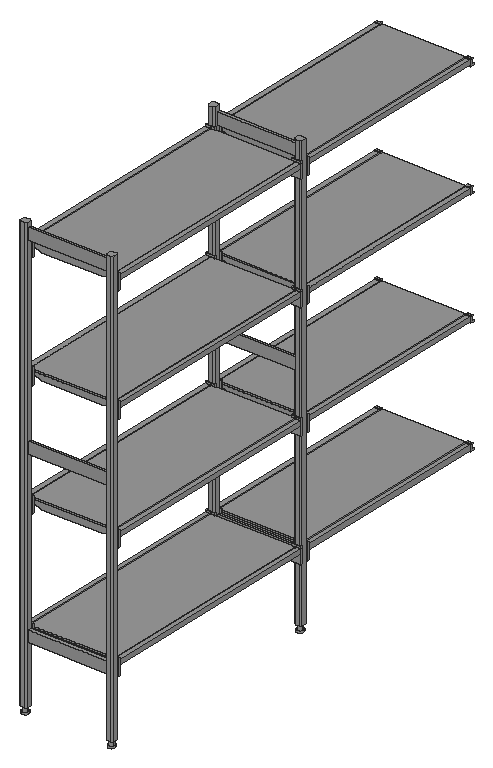
Revit family "QF_ZANUSSI_137061_ACS1752", category Attrezzature speciali, Revit 2020
Family settings
  Quota connettore circolare = Usa diametro
  Tipo di parte = Normale
  Basato su piano di lavoro = No
  Sempre verticale = Sì
  Taglio con vuoti quando caricato = No
  Condiviso = No
  Punto di calcolo locali = No
Parameters (values of type "Standard")
  Weight = 29.00 kg
  Watts = 0 W
  Volts = 0 V
  URL Manufacturer = "http://www.zanussiprofessional.com"
  URL = "http://www.zanussiprofessional.com"
  Steam Supply Size = 0 mm
  Steam Supply Minimum Pressure = 0.0 Pa
  Steam Supply Maximum Pressure = 0.0 Pa
  Steam Consumption per Hour = 0
  Refrigeration Suction Line Size = 0.0 mm
  Refrigeration Liquid Line Size = 0.0 mm
  Refrigerant Compressor Remote = yes
  Prospetto di default = 0.0 mm
  Phase = 0
  Modello = "ACS1752"
  Produttore = "Zanussi"
  Length Actual = 1756.0 mm  # constant formula
  Item Number = "137061"
  Hot Water Size = 0 mm
  Height Actual = 1700.0 mm  # constant formula
  HP = "0 HP"
  Gas Size = 0 mm
  Gas KW = 0
  Gas Input Pressure = 0 W
  Direct Waste Size = 0 mm
  Descrizione = "ALUM.CORNER SHELV.-POLY.TIERS-373X1756MM"
  Depth Actual = 373.0 mm  # constant formula
  Cycle = 0 Hz
  Condensate Return Size = 0 mm
  Compressed Air Volume = 0.0 L/s
  Compressed Air Size = 0 mm
  Compressed Air Pressure = 0.0 Pa
  Cold Water Size = 0 mm
  Accessory = yes
Reference planes
  plane 1: z = 0
  plane 2 "CenterLeft": y = -535.5
  plane 3 "FRONT": y = -921.5
  plane 4 "LEFT": x = 192.5
  plane 5 "RIGHT": x = 565.5
  plane 6 "TOP": z = 1700
  plane 7: y = -889.5
  plane 8: y = -3.5
  plane 9 "Center (Left/Back)": x = 379
  plane 10: x = 205
  plane 11: x = 515
  plane 12 "FEET": z = 25
  plane 13: z = 275
  plane 14: z = 725
  plane 15: z = 1175
  plane 16: z = 1625
  plane 17 "CXLeft": y = -907.5
  plane 18 "Center (Front/Back)": y = 14.5
  plane 19 "CYFront": x = 510
  plane 20: y = 830.5
  plane 21: y = 32.5
  plane 22 "BACK": y = 834.5
  plane 23 "LEFT_ORIGIN": x = 158.5
  plane 24 "BACK_ORIGIN": y = 1207.5
Forms (mm)
  Extrusion 1, solid, material "QF_Aluminum"
    sketch origin (38.022, -921.5, -4.006) x (-1, 0, 0) y (0, 0, 1)
      loop
        line (-189.5, 1637.003) -> (-173.5, 1637.003) -> (-173.5, 1655) -> (-175.493, 1655) -> (-175.493, 1648.501) -> (-506.5, 1648.501) -> (-506.5, 1655) -> (-508.5, 1655) -> (-508.5, 1637.003) -> (-492.5, 1637.003) -> (-458.5, 1625) -> (-223.5, 1625) -> (-189.5, 1637.003)
      loop
        line (-189.5, 1187.003) -> (-173.5, 1187.003) -> (-173.5, 1205) -> (-175.493, 1205) -> (-175.493, 1198.501) -> (-506.5, 1198.501) -> (-506.5, 1205) -> (-508.5, 1205) -> (-508.5, 1187.003) -> (-492.5, 1187.003) -> (-458.5, 1175) -> (-223.5, 1175) -> (-189.5, 1187.003)
      loop
        line (-189.5, 737.003) -> (-173.5, 737.003) -> (-173.5, 755) -> (-175.493, 755) -> (-175.493, 748.501) -> (-506.5, 748.501) -> (-506.5, 755) -> (-508.5, 755) -> (-508.5, 737.003) -> (-492.5, 737.003) -> (-458.5, 725) -> (-223.5, 725) -> (-189.5, 737.003)
      loop
        line (-189.5, 287.003) -> (-173.5, 287.003) -> (-173.5, 305) -> (-175.493, 305) -> (-175.493, 298.501) -> (-506.5, 298.501) -> (-506.5, 305) -> (-508.5, 305) -> (-508.5, 287.003) -> (-492.5, 287.003) -> (-458.5, 275) -> (-223.5, 275) -> (-189.5, 287.003)
    from 37 to 32
  Extrusion 2, solid, material "QF_Aluminum"
    sketch origin (38.022, -921.5, 0) x (-1, 0, 0) y (0, 0, 1)
      loop
        line (-154.478, 246.005) -> (-154.478, 307.993) -> (-190.471, 307.993) -> (-190.471, 246.005) -> (-154.478, 246.005)
      loop
        line (-527.478, 246.005) -> (-491.484, 246.005) -> (-491.484, 307.993) -> (-527.478, 307.993) -> (-527.478, 246.005)
      loop
        line (-154.478, 696.005) -> (-154.478, 757.993) -> (-190.471, 757.993) -> (-190.471, 696.005) -> (-154.478, 696.005)
      loop
        line (-527.478, 696.005) -> (-491.484, 696.005) -> (-491.484, 757.993) -> (-527.478, 757.993) -> (-527.478, 696.005)
      loop
        line (-154.478, 1146.005) -> (-154.478, 1207.993) -> (-190.471, 1207.993) -> (-190.471, 1146.005) -> (-154.478, 1146.005)
      loop
        line (-527.478, 1146.005) -> (-491.484, 1146.005) -> (-491.484, 1207.993) -> (-527.478, 1207.993) -> (-527.478, 1146.005)
      loop
        line (-154.478, 1596.005) -> (-154.478, 1657.993) -> (-190.471, 1657.993) -> (-190.471, 1596.005) -> (-154.478, 1596.005)
      loop
        line (-527.478, 1596.005) -> (-491.484, 1596.005) -> (-491.484, 1657.993) -> (-527.478, 1657.993) -> (-527.478, 1596.005)
    from 28 to 32
  Extrusion 3, solid, material "QF_Aluminum"
    sketch origin (38.022, -921.5, 0) x (-1, 0, 0) y (0, 0, 1)
      loop
        line (-154.5, 1650.994) -> (-173.5, 1650.994) -> (-173.5, 1632.998) -> (-154.5, 1632.998) -> (-154.5, 1650.994)
      loop
        line (-154.5, 1200.994) -> (-173.5, 1200.994) -> (-173.5, 1182.998) -> (-154.5, 1182.998) -> (-154.5, 1200.994)
      loop
        line (-154.5, 750.994) -> (-173.5, 750.994) -> (-173.5, 732.998) -> (-154.5, 732.998) -> (-154.5, 750.994)
      loop
        line (-154.5, 300.994) -> (-173.5, 300.994) -> (-173.5, 282.998) -> (-154.5, 282.998) -> (-154.5, 300.994)
      loop
        line (-527.455, 1650.994) -> (-527.455, 1632.998) -> (-508.455, 1632.998) -> (-508.455, 1650.994) -> (-527.455, 1650.994)
      loop
        line (-527.455, 1200.994) -> (-527.455, 1182.998) -> (-508.455, 1182.998) -> (-508.455, 1200.994) -> (-527.455, 1200.994)
      loop
        line (-527.455, 750.994) -> (-527.455, 732.998) -> (-508.455, 732.998) -> (-508.455, 750.994) -> (-527.455, 750.994)
      loop
        line (-527.455, 300.994) -> (-527.455, 282.998) -> (-508.455, 282.998) -> (-508.455, 300.994) -> (-527.455, 300.994)
    from 32 to 918
  Extrusion 4, solid, material "QF_Polyethylene"
    sketch origin (38.022, -921.5, 0) x (-1, 0, 0) y (0, 0, 1)
      loop
        line (-175.493, 1650.994) -> (-506.5, 1650.994) -> (-506.5, 1644.496) -> (-175.493, 1644.496) -> (-175.493, 1650.994)
      loop
        line (-175.493, 1200.994) -> (-506.5, 1200.994) -> (-506.5, 1194.496) -> (-175.493, 1194.496) -> (-175.493, 1200.994)
      loop
        line (-175.493, 750.994) -> (-506.5, 750.994) -> (-506.5, 744.496) -> (-175.493, 744.496) -> (-175.493, 750.994)
      loop
        line (-175.493, 300.994) -> (-506.5, 300.994) -> (-506.5, 294.496) -> (-175.493, 294.496) -> (-175.493, 300.994)
    from 32 to 918
  Extrusion 5, solid, material "QF_Aluminum"
    sketch origin (38.022, 684.5, 0) x (-1, 0, 0) y (0, 0, 1)
      loop
        line (-154.5, 1650.994) -> (-173.5, 1650.994) -> (-173.5, 1632.998) -> (-154.5, 1632.998) -> (-154.5, 1650.994)
      loop
        line (-508.5, 1650.994) -> (-527.455, 1650.994) -> (-527.455, 1632.998) -> (-508.5, 1632.998) -> (-508.5, 1650.994)
      loop
        line (-154.5, 1200.994) -> (-173.5, 1200.994) -> (-173.5, 1182.998) -> (-154.5, 1182.998) -> (-154.5, 1200.994)
      loop
        line (-508.5, 1200.994) -> (-527.455, 1200.994) -> (-527.455, 1182.998) -> (-508.5, 1182.998) -> (-508.5, 1200.994)
      loop
        line (-154.5, 750.994) -> (-173.5, 750.994) -> (-173.5, 732.998) -> (-154.5, 732.998) -> (-154.5, 750.994)
      loop
        line (-508.5, 750.994) -> (-527.455, 750.994) -> (-527.455, 732.998) -> (-508.5, 732.998) -> (-508.5, 750.994)
      loop
        line (-154.5, 300.994) -> (-173.5, 300.994) -> (-173.5, 282.998) -> (-154.5, 282.998) -> (-154.5, 300.994)
      loop
        line (-508.5, 300.994) -> (-527.455, 300.994) -> (-527.455, 282.998) -> (-508.5, 282.998) -> (-508.5, 300.994)
    from 146 to -652
  Extrusion 6, solid, material "QF_Polyethylene"
    sketch origin (38.022, 684.5, 0) x (-1, 0, 0) y (0, 0, 1)
      loop
        line (-175.493, 1650.994) -> (-506.5, 1650.994) -> (-506.5, 1644.496) -> (-175.493, 1644.496) -> (-175.493, 1650.994)
      loop
        line (-175.493, 1200.994) -> (-506.5, 1200.994) -> (-506.5, 1194.496) -> (-175.493, 1194.496) -> (-175.493, 1200.994)
      loop
        line (-175.493, 750.994) -> (-506.5, 750.994) -> (-506.5, 744.496) -> (-175.493, 744.496) -> (-175.493, 750.994)
      loop
        line (-175.493, 300.994) -> (-506.5, 300.994) -> (-506.5, 294.496) -> (-175.493, 294.496) -> (-175.493, 300.994)
    from 146 to -652
Lines and regions (mm)
  symbolic lines
    curve 1: line (205, -912.5, 1700) -> (515, -912.5, 1700)
    curve 2: line (515, -902.5, 1700) -> (205, -902.5, 1700)
    curve 3: line (192.5, -893.5, 1700) -> (192.5, 0.5, 1700)
    curve 4: line (565.5, -889.5, 1700) -> (565.5, -3.5, 1700)
    curve 5: line (192.5, 28.5, 1700) -> (192.5, 834.5, 1700)
    curve 6: line (565.5, 28.5, 1700) -> (565.5, 834.5, 1700)
    curve 7: line (211.522, 830.5, 1700) -> (510.507, 830.5, 1700)
    curve 8: line (211.522, -3.5, 1700) -> (510.507, -3.5, 1700)
    curve 9: line (510.507, 32.5, 1700) -> (211.522, 32.5, 1700)
    curve 10: line (211.522, -889.5, 1700) -> (510.507, -889.5, 1700)
    curve 11: line (211.522, -889.5, 1700) -> (211.522, -3.5, 1700)
    curve 12: line (546.478, -3.5, 1700) -> (546.478, -889.5, 1700)
    curve 13: line (211.522, 32.5, 1700) -> (211.522, 830.5, 1700)
    curve 14: line (546.522, 652.5, 1700) -> (546.522, -145.5, 1700)
Dimensions and locks
  plane 3 "FRONT" to plane 2 "CenterLeft" = 386.0 mm
  locked: plane 6 "TOP" to level at 1700
  locked: plane 7 to plane 8 at 886
  locked: plane 10 to plane 11 at 310
  plane 10 to plane 9 "Center (Left/Back)" to plane 11 = 174.0 mm, 136.0 mm
  equal spacing: plane 4 "LEFT", plane 9 "Center (Left/Back)", plane 5 "RIGHT"
  plane 12 "FEET" to level = 25.0 mm
  plane 6 "TOP" to plane 12 "FEET" = 1675.0 mm
  plane 13 to plane 12 "FEET" = 250.0 mm
  plane 14 to plane 13 = 450.0 mm
  plane 15 to plane 14 = 450.0 mm
  plane 16 to plane 15 = 450.0 mm
  plane 19 "CYFront" to Extrusion 1 sketch curve = 34.522 mm
  locked: plane 21 to plane 20 at 798
  locked: plane 8 to plane 18 "Center (Front/Back)" at 18
  locked: plane 18 "Center (Front/Back)" to plane 21 at 18
  locked: plane 3 "FRONT" to plane 7 at 32
  locked: plane 4 "LEFT" to plane 5 "RIGHT" at 373
  locked: plane 23 "LEFT_ORIGIN" to plane 5 "RIGHT" at 407
  locked: plane 22 "BACK" to plane 24 "BACK_ORIGIN" at 373
  locked: plane 22 "BACK" to plane 3 "FRONT" at 1756
  aligned and locked: level to plane 1
  aligned and locked: Extrusion 1 to plane 7
  aligned and locked: plane 7 to Extrusion 2
  aligned and locked: Extrusion 4 to plane 7
  aligned and locked: plane 8 to Extrusion 4
  aligned and locked: Extrusion 3 to plane 7
  aligned and locked: plane 8 to Extrusion 3
  aligned and locked: Extrusion 1 sketch curve to Extrusion 1 sketch curve  (x3)
  aligned and locked: Extrusion 4 sketch curve to Extrusion 1  (x4)
  aligned and locked: Extrusion 5 sketch curve to Extrusion 5 sketch curve  (x2)
  aligned and locked: Extrusion 5 to plane 21  (x5)
  aligned and locked: Extrusion 6 to plane 21  (x5)
  aligned and locked: nested 2 to plane 18 "Center (Front/Back)"
  aligned and locked: nested 1 to plane 17 "CXLeft"
  aligned and locked: plane 7 to Extrusion 3  (x3)
  aligned and locked: Extrusion 3 to plane 8  (x4)
  aligned and locked: Extrusion 4 to plane 8  (x4)
  aligned and locked: plane 20 to Extrusion 5
  aligned and locked: plane 20 to Extrusion 6
  aligned and locked: Extrusion 5 to plane 20  (x3)
  aligned and locked: Extrusion 6 to plane 20  (x3)
  aligned and locked: plane 9 "Center (Left/Back)" to nested 2
  aligned and locked: nested 3 to plane 22 "BACK"
Automatic sketch dimensions
  curve 1 to plane 10 = 0.0 mm
  curve 1 to plane 11 = 0.0 mm
  curve 2 to plane 10 = 0.0 mm
  curve 2 to plane 11 = 0.0 mm
  curve 3 to plane 4 "LEFT" = 0.0 mm
  plane 7 to curve 10 = 0.0 mm
  curve 4 to plane 5 "RIGHT" = 0.0 mm
  plane 7 to curve 4 = 0.0 mm
  plane 8 to curve 8 = 0.0 mm
  plane 8 to curve 4 = 0.0 mm
  curve 6 to plane 5 "RIGHT" = 0.0 mm
  curve 5 to plane 4 "LEFT" = 0.0 mm
  curve 9 to plane 21 = 0.0 mm
  plane 20 to curve 7 = 0.0 mm
  plane 7 to curve 3 = 4.0 mm
  plane 17 "CXLeft" to curve 2 = 5.0 mm
  curve 1 to plane 17 "CXLeft" = 5.0 mm
  curve 3 to plane 8 = 4.0 mm
  curve 6 to plane 21 = 4.0 mm
  curve 5 to plane 21 = 4.0 mm
  curve 6 to plane 20 = 4.0 mm
  curve 5 to plane 20 = 4.0 mm
  plane 11 to curve 10 = 4.493 mm
  plane 11 to curve 9 = 4.493 mm
  plane 11 to curve 8 = 4.493 mm
  plane 11 to curve 7 = 4.493 mm
  curve 8 to plane 10 = 6.522 mm
  curve 7 to plane 10 = 6.522 mm
  Extrusion 1 sketch curve to plane 19 "CYFront" = 36.522 mm  (x4)
  Extrusion 1 sketch curve to plane 11 = 15.522 mm  (x4)
  Extrusion 1 sketch curve to plane 13 = 4.006 mm
  Extrusion 1 sketch curve to Extrusion 1 sketch curve = 34.0 mm  (x4)
  Extrusion 1 sketch curve to plane 14 = 4.006 mm
  Extrusion 1 sketch curve to plane 15 = 4.006 mm
  Extrusion 1 sketch curve to plane 16 = 4.006 mm
  Extrusion 1 sketch curve to plane 10 = 56.522 mm  (x4)
  Extrusion 1 sketch curve to plane 10 = 22.522 mm  (x4)
  plane 13 to Extrusion 1 sketch curve = 7.998 mm  (x2)
  Extrusion 1 sketch curve to Extrusion 1 sketch curve = 11.498 mm  (x4)
  Extrusion 1 sketch curve to Extrusion 1 sketch curve = 6.499 mm  (x8)
  plane 14 to Extrusion 1 sketch curve = 7.998 mm  (x2)
  plane 15 to Extrusion 1 sketch curve = 7.998 mm  (x2)
  plane 16 to Extrusion 1 sketch curve = 7.998 mm  (x2)
  Extrusion 2 sketch curve to plane 5 "RIGHT" = 0.0 mm  (x4)
  Extrusion 2 sketch curve to plane 4 "LEFT" = 0.0 mm  (x4)
  Extrusion 2 sketch curve to plane 11 = 14.507 mm  (x4)
  Extrusion 2 sketch curve to plane 10 = 23.493 mm  (x4)
  Extrusion 2 sketch curve to plane 13 = 28.995 mm  (x2)
  plane 13 to Extrusion 2 sketch curve = 32.993 mm  (x2)
  Extrusion 2 sketch curve to plane 14 = 28.995 mm  (x2)
  plane 14 to Extrusion 2 sketch curve = 32.993 mm  (x2)
  Extrusion 2 sketch curve to plane 15 = 28.995 mm  (x2)
  plane 15 to Extrusion 2 sketch curve = 32.993 mm  (x2)
  Extrusion 2 sketch curve to plane 16 = 28.995 mm  (x2)
  plane 16 to Extrusion 2 sketch curve = 32.993 mm  (x2)
  plane 13 to Extrusion 4 sketch curve = 19.496 mm
  Extrusion 4 sketch curve to Extrusion 4 sketch curve = 6.499 mm  (x4)
  plane 14 to Extrusion 4 sketch curve = 19.496 mm
  plane 15 to Extrusion 4 sketch curve = 19.496 mm
  plane 16 to Extrusion 4 sketch curve = 19.496 mm
  plane 5 "RIGHT" to Extrusion 5 sketch curve = 0.022 mm  (x4)
  Extrusion 5 sketch curve to plane 4 "LEFT" = 19.022 mm  (x4)
  Extrusion 5 sketch curve to plane 19 "CYFront" = 36.522 mm  (x2)
  plane 13 to Extrusion 5 sketch curve = 7.998 mm  (x2)
  Extrusion 5 sketch curve to Extrusion 5 sketch curve = 17.997 mm  (x8)
  plane 14 to Extrusion 5 sketch curve = 7.998 mm  (x2)
  plane 15 to Extrusion 5 sketch curve = 7.998 mm  (x2)
  plane 16 to Extrusion 5 sketch curve = 7.998 mm  (x2)
  Extrusion 6 sketch curve to plane 19 "CYFront" = 34.522 mm  (x4)
  plane 13 to Extrusion 6 sketch curve = 19.496 mm
  Extrusion 6 sketch curve to Extrusion 6 sketch curve = 6.499 mm  (x4)
  plane 14 to Extrusion 6 sketch curve = 19.496 mm
  plane 15 to Extrusion 6 sketch curve = 19.496 mm
  plane 16 to Extrusion 6 sketch curve = 19.496 mm
  plane 5 "RIGHT" to Extrusion 3 sketch curve = 0.022 mm  (x4)
  Extrusion 3 sketch curve to Extrusion 3 sketch curve = 19.0 mm  (x4)
  plane 14 to Extrusion 3 sketch curve = 7.998 mm  (x2)
  Extrusion 3 sketch curve to plane 10 = 6.522 mm  (x4)
  Extrusion 3 sketch curve to plane 4 "LEFT" = 0.022 mm  (x4)
  plane 13 to Extrusion 3 sketch curve = 25.994 mm  (x2)
  plane 13 to Extrusion 3 sketch curve = 7.998 mm  (x2)
  Extrusion 3 sketch curve to Extrusion 3 sketch curve = 17.997 mm  (x6)
  plane 15 to Extrusion 3 sketch curve = 7.998 mm  (x2)
  plane 16 to Extrusion 3 sketch curve = 7.998 mm  (x2)
  plane 7 to curve 12 = 0.0 mm
  plane 8 to curve 12 = 0.0 mm
  curve 4 to curve 12 = 19.022 mm
  Extrusion 1 sketch curve to plane 10 = 8.516 mm  (x4)
  Extrusion 1 sketch curve to plane 10 = 6.522 mm  (x2)
  Extrusion 1 sketch curve to Extrusion 1 sketch curve = 1.993 mm  (x2)
  Extrusion 4 sketch curve to plane 10 = 8.516 mm  (x4)
  Extrusion 5 sketch curve to plane 4 "LEFT" = 0.022 mm  (x4)
  Extrusion 6 sketch curve to plane 10 = 8.516 mm  (x4)
Nested families
  nested 1: "WT_Anta373" at (215.5, -504.5, 0) x (0, 1, 0) z (0, 0, 1), type "WT_Anta373"
  nested 2: "WT_Anta373Center" at (215.5, 417.5, 0) x (0, 1, 0) z (0, 0, 1), type "WT_Anta373Center"
  nested 3: "WT_Aggancio373" at (215.5, 1242.5, 0) x (0, 1, 0) z (0, 0, 1), type "WT_Aggancio373"
Definition of nested family "WT_Anta373"
  Parameters
    WidthLeft = A + 64.0 mm  # 772.0 mm
    Width = 1606.0 mm
    Right = WidthLeft / 2  # 386.0 mm
    Default Elevation = 0.0 mm
    Left = -WidthLeft / 2  # -386.0 mm
    Height = 1725.0 mm
    FEET = 25.0 mm
    E = 0.0 mm
    Dint = Depth - 63.0 mm  # 310.0 mm
    Dext = Depth - 8.0 mm  # 365.0 mm
    Depth = 373.0 mm
    DX = (WidthLeft - A) / 2  # 32.0 mm
    B = 798.0 mm
    A = 708.0 mm
  Reference planes
    plane 1: z = 0
    plane 2 "LEFT": x = -417
    plane 3 "BACK": y = 23
    plane 4 "FRONT": y = -350
    plane 5 "TOP": z = 1725
    plane 6 "Center (Front/Back)": y = -163.5
    plane 7: y = -8.5
    plane 8: y = -318.5
    plane 9 "FEET": z = 25
    plane 10: z = 275
    plane 11: z = 725
    plane 12: z = 1175
    plane 13: z = 1625
    plane 14 "CXLeft": x = -403
    plane 15: y = 5.5
    plane 16 "CYBack": y = 5.5
    plane 17 "CYFront": y = -332.5
    plane 18: x = -385.031
    plane 19: x = -380.031
  Forms (mm)
    Extrusion 1, solid
      sketch origin (0, 0, 0) x (1, 0, 0) y (0, 1, 0)
        loop
          line (-417, 13.246) -> (-417, -2.246) -> (-410.746, -8.5) -> (-395.254, -8.5) -> (-389, -2.246) -> (-389, 13.246) -> (-395.254, 19.5) -> (-410.746, 19.5) -> (-417, 13.246)
      from 1725 to 25
    Extrusion 2, solid
      sketch origin (-417, 0, 0) x (0, 1, 0) y (0, 0, 1)
        loop
          line (23, 246.005) -> (23, 307.993) -> (-12.993, 307.993) -> (-12.993, 246.005) -> (23, 246.005)
        loop
          line (-350, 246.005) -> (-314.007, 246.005) -> (-314.007, 307.993) -> (-350, 307.993) -> (-350, 246.005)
        loop
          line (23, 696.005) -> (23, 757.993) -> (-12.993, 757.993) -> (-12.993, 696.005) -> (23, 696.005)
        loop
          line (-350, 696.005) -> (-314.007, 696.005) -> (-314.007, 757.993) -> (-350, 757.993) -> (-350, 696.005)
        loop
          line (23, 1146.005) -> (23, 1207.993) -> (-12.993, 1207.993) -> (-12.993, 1146.005) -> (23, 1146.005)
        loop
          line (-350, 1146.005) -> (-314.007, 1146.005) -> (-314.007, 1207.993) -> (-350, 1207.993) -> (-350, 1146.005)
        loop
          line (23, 1596.005) -> (23, 1657.993) -> (-12.993, 1657.993) -> (-12.993, 1596.005) -> (23, 1596.005)
        loop
          line (-350, 1596.005) -> (-314.007, 1596.005) -> (-314.007, 1657.993) -> (-350, 1657.993) -> (-350, 1596.005)
      from 28 to 32
    Revolve 3, solid
      sketch origin (-403, 0, 0) x (0, 1, 0) y (0, 0, 1)
        loop
          line (5.5, 25) -> (5.5, 0) -> (19, 0) -> (19, 5) -> (14, 5) -> (14, 25) -> (5.5, 25)
        axis (5.5, 25) -> (5.5, 0)
      angle from 0 to 360
    Extrusion 4, solid
      sketch origin (-403, 0, 0) x (0, 1, 0) y (0, 0, 1)
        loop
          line (-8.5, 912.382) -> (-8.5, 957.374) -> (-318.5, 957.374) -> (-318.5, 912.382) -> (-8.5, 912.382)
        loop
          line (-8.5, 1662.244) -> (-8.5, 1707.236) -> (-318.5, 1707.236) -> (-318.5, 1662.244) -> (-8.5, 1662.244)
      from -5 to 5
    Revolve 5, solid
      sketch origin (-403, -627, 0) x (0, -1, 0) y (0, 0, 1)
        loop
          line (-294.5, 25) -> (-294.5, 0) -> (-281, 0) -> (-281, 5) -> (-286, 5) -> (-286, 25) -> (-294.5, 25)
        axis (-294.5, 25) -> (-294.5, 0)
      angle from 0 to 360
    Extrusion 6, solid
      sketch origin (0, -627, 0) x (1, 0, 0) y (0, 1, 0)
        loop
          line (-417, 286.754) -> (-410.746, 280.5) -> (-395.254, 280.5) -> (-389, 286.754) -> (-389, 302.246) -> (-395.254, 308.5) -> (-410.746, 308.5) -> (-417, 302.246) -> (-417, 286.754)
      from 1725 to 25
    Extrusion 7, solid
      sketch origin (-417.031, -0.022, 0) x (0, 1, 0) y (0, 0, -1)
        loop
          line (-12, -1632.998) -> (-46, -1620.994) -> (-281, -1620.994) -> (-315, -1632.998) -> (-331, -1632.998) -> (-331, -1650.994) -> (-329, -1650.994) -> (-329, -1644.496) -> (2.007, -1644.496) -> (2.007, -1650.994) -> (4, -1650.994) -> (4, -1632.998) -> (-12, -1632.998)
        loop
          line (-12, -1182.998) -> (-46, -1170.994) -> (-281, -1170.994) -> (-315, -1182.998) -> (-331, -1182.998) -> (-331, -1200.994) -> (-329, -1200.994) -> (-329, -1194.496) -> (2.007, -1194.496) -> (2.007, -1200.994) -> (4, -1200.994) -> (4, -1182.998) -> (-12, -1182.998)
        loop
          line (-12, -732.998) -> (-46, -720.994) -> (-281, -720.994) -> (-315, -732.998) -> (-331, -732.998) -> (-331, -750.994) -> (-329, -750.994) -> (-329, -744.496) -> (2.007, -744.496) -> (2.007, -750.994) -> (4, -750.994) -> (4, -732.998) -> (-12, -732.998)
        loop
          line (-12, -282.998) -> (-46, -270.994) -> (-281, -270.994) -> (-315, -282.998) -> (-331, -282.998) -> (-331, -300.994) -> (-329, -300.994) -> (-329, -294.496) -> (2.007, -294.496) -> (2.007, -300.994) -> (4, -300.994) -> (4, -282.998) -> (-12, -282.998)
      from -32 to -37
    Extrusion 8, solid
      sketch origin (-403, 0, -659.878) x (0, 1, 0) y (0, 0, 1)
        loop
          line (-8.5, 912.382) -> (-8.5, 957.374) -> (-318.5, 957.374) -> (-318.5, 912.382) -> (-8.5, 912.382)
        loop
          line (-8.5, 1572.382) -> (-8.5, 1617.374) -> (-318.5, 1617.374) -> (-318.5, 1572.382) -> (-8.5, 1572.382)
        loop
          line (-8.5, 2322.382) -> (-8.5, 2367.374) -> (-318.5, 2367.374) -> (-318.5, 2322.382) -> (-8.5, 2322.382)
      from -5 to 5
  Lines and regions (mm)
    symbolic lines
      curve 1: line (-408, -8.5, 1725) -> (-408, -318.5, 1725)
      curve 2: line (-398, -318.5, 1725) -> (-398, -8.5, 1725)
      curve 3: line (-395.254, -8.5, 1725) -> (-410.746, -8.5, 1725)
      curve 4: line (-417, -2.246, 1725) -> (-410.746, -8.5, 1725)
      curve 5: line (-417, 13.246, 1725) -> (-417, -2.246, 1725)
      curve 6: line (-410.746, 19.5, 1725) -> (-417, 13.246, 1725)
      curve 7: line (-395.254, 19.5, 1725) -> (-410.746, 19.5, 1725)
      curve 8: line (-389, 13.246, 1725) -> (-395.254, 19.5, 1725)
      curve 9: line (-395.254, -8.5, 1725) -> (-389, -2.246, 1725)
      curve 10: line (-395.254, -318.5, 1725) -> (-410.746, -318.5, 1725)
      curve 11: line (-417, -324.754, 1725) -> (-410.746, -318.5, 1725)
      curve 12: line (-410.746, -346.5, 1725) -> (-417, -340.246, 1725)
      curve 13: line (-395.254, -346.5, 1725) -> (-410.746, -346.5, 1725)
      curve 14: line (-389, -340.246, 1725) -> (-395.254, -346.5, 1725)
      curve 15: line (-395.254, -318.5, 1725) -> (-389, -324.754, 1725)
      curve 16: line (-389, -350, 1725) -> (-389, -314.007, 1725)
      curve 17: line (-389, -314.007, 1725) -> (-385, -314.007, 1725)
      curve 18: line (-389, 23, 1725) -> (-389, -12.993, 1725)
      curve 19: line (-389, -12.993, 1725) -> (-385, -12.993, 1725)
      curve 20: line (-417, -324.754, 1725) -> (-417, -340.246, 1725)
      curve 21: line (-385, -350, 1725) -> (-385, -314.007, 1725)
      curve 22: line (-385, -350, 1725) -> (-389, -350, 1725)
      curve 23: line (-385, 23, 1725) -> (-389, 23, 1725)
      curve 24: line (-385, -12.993, 1725) -> (-385, 23, 1725)
      curve 25: line (-385.031, -13.016, 1725) -> (-385.031, -314.029, 1725)
  Dimensions and locks
    "Height": plane 5 "TOP" to level
    "Depth": plane 3 "BACK" to plane 4 "FRONT"
    "Dint": plane 7 to plane 8
    equal spacing: plane 7, plane 6 "Center (Front/Back)", plane 8
    equal spacing: plane 3 "BACK", plane 6 "Center (Front/Back)", plane 4 "FRONT"
    plane 9 "FEET" to level = 25.0 mm
    plane 5 "TOP" to plane 9 "FEET" = 1700.0 mm
    plane 10 to plane 9 "FEET" = 250.0 mm
    plane 11 to plane 10 = 450.0 mm
    plane 12 to plane 11 = 450.0 mm
    plane 13 to plane 12 = 450.0 mm
    locked: plane 2 "LEFT" to plane 14 "CXLeft" at 14
    locked: plane 3 "BACK" to plane 16 "CYBack" at 17.5
    locked: plane 17 "CYFront" to plane 4 "FRONT" at 17.5
    locked: Revolve 3 sketch curve to Revolve 3 sketch curve at 8.5
    locked: Revolve 3 sketch curve to plane 16 "CYBack" at 13.5
    locked: Revolve 5 sketch curve to Revolve 5 sketch curve at 8.5
    aligned and locked: level to plane 1
    aligned and locked: curve 20 to Extrusion 6
    aligned and locked: plane 5 "TOP" to Extrusion 1
    aligned and locked: plane 5 "TOP" to Extrusion 6
    aligned and locked: Extrusion 7 sketch curve to Extrusion 7 sketch curve  (x3)
  Automatic sketch dimensions
    curve 16 to plane 4 "FRONT" = 0.0 mm
    curve 11 to plane 8 = 0.0 mm
    curve 9 to plane 7 = 0.0 mm
    curve 5 to plane 2 "LEFT" = 0.0 mm
    curve 23 to plane 3 "BACK" = 0.0 mm
    plane 4 "FRONT" to curve 13 = 3.5 mm
    curve 20 to plane 17 "CYFront" = 7.746 mm
    curve 20 to plane 8 = 6.254 mm
    plane 8 to curve 16 = 4.493 mm
    curve 24 to plane 18 = 0.031 mm
    curve 24 to plane 7 = 4.493 mm
    plane 7 to curve 5 = 6.254 mm
    curve 5 to plane 15 = 7.746 mm
    curve 6 to plane 3 "BACK" = 3.5 mm
    curve 21 to plane 18 = 0.031 mm
    plane 18 to curve 23 = 3.969 mm
    plane 18 to curve 16 = 3.969 mm
    curve 18 to curve 8 = 6.254 mm
    curve 18 to curve 3 = 6.254 mm
    curve 16 to curve 13 = 6.254 mm
    curve 16 to curve 15 = 6.254 mm
    plane 2 "LEFT" to curve 10 = 6.254 mm
    plane 2 "LEFT" to curve 7 = 6.254 mm
    plane 2 "LEFT" to curve 12 = 6.254 mm
    plane 2 "LEFT" to curve 3 = 6.254 mm
    curve 14 to plane 17 "CYFront" = 7.746 mm
    curve 15 to plane 8 = 6.254 mm
    plane 7 to curve 9 = 6.254 mm
    curve 8 to plane 15 = 7.746 mm
    curve 3 to curve 2 = 2.746 mm
    curve 1 to curve 10 = 2.746 mm
    Extrusion 1 sketch curve to plane 2 "LEFT" = 0.0 mm
    Extrusion 1 sketch curve to plane 7 = 0.0 mm
    plane 2 "LEFT" to Extrusion 1 sketch curve = 6.254 mm  (x2)
    plane 14 "CXLeft" to Extrusion 1 sketch curve = 7.746 mm  (x2)
    Extrusion 1 sketch curve to plane 3 "BACK" = 3.5 mm
    plane 18 to Extrusion 1 sketch curve = 3.969 mm
    plane 7 to Extrusion 1 sketch curve = 6.254 mm  (x2)
    Extrusion 1 sketch curve to plane 15 = 7.746 mm  (x2)
    Extrusion 2 sketch curve to plane 4 "FRONT" = 0.0 mm  (x4)
    Extrusion 2 sketch curve to plane 3 "BACK" = 0.0 mm  (x4)
    plane 8 to Extrusion 2 sketch curve = 4.493 mm  (x4)
    Extrusion 2 sketch curve to plane 7 = 4.493 mm  (x4)
    Extrusion 2 sketch curve to plane 10 = 28.995 mm  (x2)
    plane 10 to Extrusion 2 sketch curve = 32.993 mm  (x2)
    Extrusion 2 sketch curve to plane 11 = 28.995 mm  (x2)
    plane 11 to Extrusion 2 sketch curve = 32.993 mm  (x2)
    Extrusion 2 sketch curve to plane 12 = 28.995 mm  (x2)
    plane 12 to Extrusion 2 sketch curve = 32.993 mm  (x2)
    Extrusion 2 sketch curve to plane 13 = 28.995 mm  (x2)
    plane 13 to Extrusion 2 sketch curve = 32.993 mm  (x2)
    Revolve 3 sketch curve to plane 9 "FEET" = 0.0 mm  (x2)
    Revolve 3 sketch curve to plane 15 = 0.0 mm  (x2)
    Revolve 3 sketch curve to level = 0.0 mm
    level to Revolve 3 sketch curve = 5.0 mm
    Revolve 3 sketch curve to Revolve 3 sketch curve = 11.655 mm
    Extrusion 4 sketch curve to plane 8 = 0.0 mm  (x2)
    Extrusion 4 sketch curve to plane 7 = 0.0 mm  (x2)
    plane 11 to Extrusion 4 sketch curve = 187.382 mm
    Extrusion 4 sketch curve to Extrusion 4 sketch curve = 44.992 mm
    plane 13 to Extrusion 4 sketch curve = 37.244 mm
    Extrusion 4 sketch curve to plane 5 "TOP" = 17.764 mm
    Revolve 5 sketch curve to plane 9 "FEET" = 0.0 mm  (x2)
    Revolve 5 sketch curve to plane 17 "CYFront" = 0.0 mm  (x2)
    Revolve 5 sketch curve to level = 0.0 mm
    Revolve 5 sketch curve to plane 4 "FRONT" = 4.0 mm
    Revolve 5 sketch curve to Revolve 5 sketch curve = 5.0 mm
    level to Revolve 5 sketch curve = 11.655 mm
    Extrusion 6 sketch curve to plane 2 "LEFT" = 0.0 mm
    Extrusion 6 sketch curve to plane 8 = 0.0 mm
    Extrusion 6 sketch curve to plane 2 "LEFT" = 6.254 mm  (x2)
    Extrusion 6 sketch curve to plane 14 "CXLeft" = 7.746 mm  (x2)
    Extrusion 6 sketch curve to plane 4 "FRONT" = 3.5 mm
    Extrusion 6 sketch curve to plane 18 = 3.969 mm
    plane 8 to Extrusion 6 sketch curve = 6.254 mm  (x2)
    plane 17 "CYFront" to Extrusion 6 sketch curve = 7.746 mm  (x2)
    plane 17 "CYFront" to Extrusion 7 sketch curve = 1.478 mm  (x4)
    Extrusion 7 sketch curve to Extrusion 7 sketch curve = 2.0 mm
    plane 8 to Extrusion 7 sketch curve = 3.478 mm  (x4)
    Extrusion 7 sketch curve to plane 10 = 4.006 mm
    Extrusion 7 sketch curve to Extrusion 7 sketch curve = 34.0 mm  (x4)
    Extrusion 7 sketch curve to plane 11 = 4.006 mm
    Extrusion 7 sketch curve to plane 12 = 4.006 mm
    Extrusion 7 sketch curve to plane 13 = 4.006 mm
    Extrusion 7 sketch curve to plane 7 = 37.522 mm  (x4)
    Extrusion 7 sketch curve to plane 7 = 3.522 mm  (x4)
    plane 15 to Extrusion 7 sketch curve = 3.516 mm  (x4)
    plane 15 to Extrusion 7 sketch curve = 1.522 mm  (x4)
    plane 13 to Extrusion 7 sketch curve = 7.998 mm  (x2)
    Extrusion 7 sketch curve to Extrusion 7 sketch curve = 11.498 mm
    Extrusion 7 sketch curve to Extrusion 7 sketch curve = 6.499 mm  (x5)
    plane 12 to Extrusion 7 sketch curve = 25.994 mm  (x2)
    plane 12 to Extrusion 7 sketch curve = 7.998 mm  (x2)
    plane 11 to Extrusion 7 sketch curve = 25.994 mm  (x2)
    plane 11 to Extrusion 7 sketch curve = 7.998 mm  (x2)
    plane 10 to Extrusion 7 sketch curve = 25.994 mm  (x2)
    plane 10 to Extrusion 7 sketch curve = 7.998 mm  (x2)
    curve 25 to plane 18 = 0.0 mm
    plane 8 to curve 25 = 4.471 mm
    curve 25 to plane 7 = 4.516 mm
    Extrusion 8 sketch curve to plane 8 = 0.0 mm  (x3)
    Extrusion 8 sketch curve to plane 7 = 0.0 mm  (x3)
    Extrusion 8 sketch curve to plane 10 = 22.496 mm
    plane 10 to Extrusion 8 sketch curve = 22.496 mm
    plane 11 to Extrusion 8 sketch curve = 187.504 mm
    Extrusion 8 sketch curve to Extrusion 8 sketch curve = 44.992 mm
    plane 13 to Extrusion 8 sketch curve = 37.504 mm
    Extrusion 8 sketch curve to plane 5 "TOP" = 17.504 mm
Definition of nested family "WT_Anta373Center"
  Parameters
    WidthLeft = A + 64.0 mm  # 772.0 mm
    Width = 1606.0 mm
    Right = WidthLeft / 2  # 386.0 mm
    Default Elevation = 0.0 mm
    Left = -WidthLeft / 2  # -386.0 mm
    Height = 1725.0 mm
    FEET = 25.0 mm
    E = 0.0 mm
    Dint = Depth - 63.0 mm  # 310.0 mm
    Dext = Depth - 8.0 mm  # 365.0 mm
    Depth = 373.0 mm
    DX = (WidthLeft - A) / 2  # 32.0 mm
    B = 798.0 mm
    A = 708.0 mm
  Reference planes
    plane 1: z = 0
    plane 2 "L": x = -417
    plane 3 "BACK": y = 23
    plane 4 "FRONT": y = -350
    plane 5 "TOP": z = 1725
    plane 6 "Center (Front/Back)": y = -163.5
    plane 7: y = -8.5
    plane 8: y = -318.5
    plane 9 "FEET": z = 25
    plane 10: z = 275
    plane 11: z = 725
    plane 12: z = 1175
    plane 13: z = 1625
    plane 14 "CXLeft": x = -403
    plane 15: y = 5.5
    plane 16 "CYBack": y = 5.5
    plane 17 "CYFront": y = -332.5
    plane 18: x = -385.031
    plane 19 "RIGHT": x = -380.031
    plane 20: x = -420.969
    plane 21 "LEFT": x = -425.969
  Forms (mm)
    Extrusion 1, solid
      sketch origin (0, 0, 0) x (1, 0, 0) y (0, 1, 0)
        loop
          line (-417, 13.246) -> (-417, -2.246) -> (-410.746, -8.5) -> (-395.254, -8.5) -> (-389, -2.246) -> (-389, 13.246) -> (-395.254, 19.5) -> (-410.746, 19.5) -> (-417, 13.246)
      from 1725 to 25
    Extrusion 2, solid
      sketch origin (-417, 0, 0) x (0, 1, 0) y (0, 0, 1)
        loop
          line (23, 246.005) -> (23, 307.993) -> (-12.993, 307.993) -> (-12.993, 246.005) -> (23, 246.005)
        loop
          line (-350, 246.005) -> (-314.007, 246.005) -> (-314.007, 307.993) -> (-350, 307.993) -> (-350, 246.005)
        loop
          line (23, 696.005) -> (23, 757.993) -> (-12.993, 757.993) -> (-12.993, 696.005) -> (23, 696.005)
        loop
          line (-350, 696.005) -> (-314.007, 696.005) -> (-314.007, 757.993) -> (-350, 757.993) -> (-350, 696.005)
        loop
          line (23, 1146.005) -> (23, 1207.993) -> (-12.993, 1207.993) -> (-12.993, 1146.005) -> (23, 1146.005)
        loop
          line (-350, 1146.005) -> (-314.007, 1146.005) -> (-314.007, 1207.993) -> (-350, 1207.993) -> (-350, 1146.005)
        loop
          line (23, 1596.005) -> (23, 1657.993) -> (-12.993, 1657.993) -> (-12.993, 1596.005) -> (23, 1596.005)
        loop
          line (-350, 1596.005) -> (-314.007, 1596.005) -> (-314.007, 1657.993) -> (-350, 1657.993) -> (-350, 1596.005)
      from 28 to 32
    Revolve 3, solid
      sketch origin (-403, 0, 0) x (0, 1, 0) y (0, 0, 1)
        loop
          line (5.5, 25) -> (5.5, 0) -> (19, 0) -> (19, 5) -> (14, 5) -> (14, 25) -> (5.5, 25)
        axis (5.5, 25) -> (5.5, 0)
      angle from 0 to 360
    Extrusion 4, solid
      sketch origin (-403, 0, 0) x (0, 1, 0) y (0, 0, 1)
        loop
          line (-8.5, 912.382) -> (-8.5, 957.374) -> (-318.5, 957.374) -> (-318.5, 912.382) -> (-8.5, 912.382)
        loop
          line (-8.5, 1662.244) -> (-8.5, 1707.236) -> (-318.5, 1707.236) -> (-318.5, 1662.244) -> (-8.5, 1662.244)
      from -5 to 5
    Revolve 5, solid
      sketch origin (-403, -627, 0) x (0, -1, 0) y (0, 0, 1)
        loop
          line (-294.5, 25) -> (-294.5, 0) -> (-281, 0) -> (-281, 5) -> (-286, 5) -> (-286, 25) -> (-294.5, 25)
        axis (-294.5, 25) -> (-294.5, 0)
      angle from 0 to 360
    Extrusion 6, solid
      sketch origin (0, -627, 0) x (1, 0, 0) y (0, 1, 0)
        loop
          line (-417, 286.754) -> (-410.746, 280.5) -> (-395.254, 280.5) -> (-389, 286.754) -> (-389, 302.246) -> (-395.254, 308.5) -> (-410.746, 308.5) -> (-417, 302.246) -> (-417, 286.754)
      from 1725 to 25
    Extrusion 7, solid
      sketch origin (-417.031, -0.022, 0) x (0, 1, 0) y (0, 0, -1)
        loop
          line (-12, -1632.998) -> (-46, -1620.994) -> (-281, -1620.994) -> (-315, -1632.998) -> (-331, -1632.998) -> (-331, -1650.994) -> (-329, -1650.994) -> (-329, -1644.496) -> (2.007, -1644.496) -> (2.007, -1650.994) -> (4, -1650.994) -> (4, -1632.998) -> (-12, -1632.998)
        loop
          line (-12, -1182.998) -> (-46, -1170.994) -> (-281, -1170.994) -> (-315, -1182.998) -> (-331, -1182.998) -> (-331, -1200.994) -> (-329, -1200.994) -> (-329, -1194.496) -> (2.007, -1194.496) -> (2.007, -1200.994) -> (4, -1200.994) -> (4, -1182.998) -> (-12, -1182.998)
        loop
          line (-12, -732.998) -> (-46, -720.994) -> (-281, -720.994) -> (-315, -732.998) -> (-331, -732.998) -> (-331, -750.994) -> (-329, -750.994) -> (-329, -744.496) -> (2.007, -744.496) -> (2.007, -750.994) -> (4, -750.994) -> (4, -732.998) -> (-12, -732.998)
        loop
          line (-12, -282.998) -> (-46, -270.994) -> (-281, -270.994) -> (-315, -282.998) -> (-331, -282.998) -> (-331, -300.994) -> (-329, -300.994) -> (-329, -294.496) -> (2.007, -294.496) -> (2.007, -300.994) -> (4, -300.994) -> (4, -282.998) -> (-12, -282.998)
      from -32 to -37
    Extrusion 8, solid
      sketch origin (-403, 0, -659.878) x (0, 1, 0) y (0, 0, 1)
        loop
          line (-8.5, 912.382) -> (-8.5, 957.374) -> (-318.5, 957.374) -> (-318.5, 912.382) -> (-8.5, 912.382)
        loop
          line (-8.5, 1572.382) -> (-8.5, 1617.374) -> (-318.5, 1617.374) -> (-318.5, 1572.382) -> (-8.5, 1572.382)
        loop
          line (-8.5, 2322.382) -> (-8.5, 2367.374) -> (-318.5, 2367.374) -> (-318.5, 2322.382) -> (-8.5, 2322.382)
      from -5 to 5
    Extrusion 9, solid
      sketch origin (-389, 0, 0) x (0, 1, 0) y (0, 0, -1)
        loop
          line (23, -246.005) -> (-12.993, -246.005) -> (-12.993, -307.993) -> (23, -307.993) -> (23, -246.005)
        loop
          line (-350, -246.005) -> (-350, -307.993) -> (-314.007, -307.993) -> (-314.007, -246.005) -> (-350, -246.005)
        loop
          line (23, -696.005) -> (-12.993, -696.005) -> (-12.993, -757.993) -> (23, -757.993) -> (23, -696.005)
        loop
          line (-350, -696.005) -> (-350, -757.993) -> (-314.007, -757.993) -> (-314.007, -696.005) -> (-350, -696.005)
        loop
          line (23, -1146.005) -> (-12.993, -1146.005) -> (-12.993, -1207.993) -> (23, -1207.993) -> (23, -1146.005)
        loop
          line (-350, -1146.005) -> (-350, -1207.993) -> (-314.007, -1207.993) -> (-314.007, -1146.005) -> (-350, -1146.005)
        loop
          line (23, -1596.005) -> (-12.993, -1596.005) -> (-12.993, -1657.993) -> (23, -1657.993) -> (23, -1596.005)
        loop
          line (-350, -1596.005) -> (-350, -1657.993) -> (-314.007, -1657.993) -> (-314.007, -1596.005) -> (-350, -1596.005)
      from 28 to 32
    Extrusion 10, solid
      sketch origin (-388.969, -0.022, 0) x (0, 1, 0) y (0, 0, 1)
        loop
          line (-12, 1632.998) -> (4, 1632.998) -> (4, 1650.994) -> (2.007, 1650.994) -> (2.007, 1644.496) -> (-329, 1644.496) -> (-329, 1650.994) -> (-331, 1650.994) -> (-331, 1632.998) -> (-315, 1632.998) -> (-281, 1620.994) -> (-46, 1620.994) -> (-12, 1632.998)
        loop
          line (-12, 1182.998) -> (4, 1182.998) -> (4, 1200.994) -> (2.007, 1200.994) -> (2.007, 1194.496) -> (-329, 1194.496) -> (-329, 1200.994) -> (-331, 1200.994) -> (-331, 1182.998) -> (-315, 1182.998) -> (-281, 1170.994) -> (-46, 1170.994) -> (-12, 1182.998)
        loop
          line (-12, 732.998) -> (4, 732.998) -> (4, 750.994) -> (2.007, 750.994) -> (2.007, 744.496) -> (-329, 744.496) -> (-329, 750.994) -> (-331, 750.994) -> (-331, 732.998) -> (-315, 732.998) -> (-281, 720.994) -> (-46, 720.994) -> (-12, 732.998)
        loop
          line (-12, 282.998) -> (4, 282.998) -> (4, 300.994) -> (2.007, 300.994) -> (2.007, 294.496) -> (-329, 294.496) -> (-329, 300.994) -> (-331, 300.994) -> (-331, 282.998) -> (-315, 282.998) -> (-281, 270.994) -> (-46, 270.994) -> (-12, 282.998)
      from -32 to -37
  Lines and regions (mm)
    symbolic lines
      curve 1: line (-408, -8.5, 1725) -> (-408, -318.5, 1725)
      curve 2: line (-398, -318.5, 1725) -> (-398, -8.5, 1725)
      curve 3: line (-395.254, -8.5, 1725) -> (-410.746, -8.5, 1725)
      curve 4: line (-417, -2.246, 1725) -> (-410.746, -8.5, 1725)
      curve 5: line (-410.746, 19.5, 1725) -> (-417, 13.246, 1725)
      curve 6: line (-395.254, 19.5, 1725) -> (-410.746, 19.5, 1725)
      curve 7: line (-389, 13.246, 1725) -> (-395.254, 19.5, 1725)
      curve 8: line (-395.254, -8.5, 1725) -> (-389, -2.246, 1725)
      curve 9: line (-395.254, -318.5, 1725) -> (-410.746, -318.5, 1725)
      curve 10: line (-417, -324.754, 1725) -> (-410.746, -318.5, 1725)
      curve 11: line (-410.746, -346.5, 1725) -> (-417, -340.246, 1725)
      curve 12: line (-395.254, -346.5, 1725) -> (-410.746, -346.5, 1725)
      curve 13: line (-389, -340.246, 1725) -> (-395.254, -346.5, 1725)
      curve 14: line (-395.254, -318.5, 1725) -> (-389, -324.754, 1725)
      curve 15: line (-389, -350, 1725) -> (-389, -314.007, 1725)
      curve 16: line (-389, -314.007, 1725) -> (-385, -314.007, 1725)
      curve 17: line (-389, 23, 1725) -> (-389, -12.993, 1725)
      curve 18: line (-389, -12.993, 1725) -> (-385, -12.993, 1725)
      curve 19: line (-385, -350, 1725) -> (-385, -314.007, 1725)
      curve 20: line (-385, -350, 1725) -> (-389, -350, 1725)
      curve 21: line (-385, 23, 1725) -> (-389, 23, 1725)
      curve 22: line (-385, -12.993, 1725) -> (-385, 23, 1725)
      curve 23: line (-385.031, -13.016, 1725) -> (-385.031, -314.029, 1725)
      curve 24: line (-417, -350, 1725) -> (-417, -314.007, 1725)
      curve 25: line (-417, -314.007, 1725) -> (-421, -314.007, 1725)
      curve 26: line (-417, 23, 1725) -> (-417, -12.993, 1725)
      curve 27: line (-417, -12.993, 1725) -> (-421, -12.993, 1725)
      curve 28: line (-421, -350, 1725) -> (-421, -314.007, 1725)
      curve 29: line (-421, -350, 1725) -> (-417, -350, 1725)
      curve 30: line (-421, 23, 1725) -> (-417, 23, 1725)
      curve 31: line (-421, -12.993, 1725) -> (-421, 23, 1725)
      curve 32: line (-420.969, -13.016, 1725) -> (-420.969, -314.029, 1725)
  Dimensions and locks
    "Height": plane 5 "TOP" to level
    "Depth": plane 3 "BACK" to plane 4 "FRONT"
    "Dint": plane 7 to plane 8
    equal spacing: plane 7, plane 6 "Center (Front/Back)", plane 8
    equal spacing: plane 3 "BACK", plane 6 "Center (Front/Back)", plane 4 "FRONT"
    plane 9 "FEET" to level = 25.0 mm
    plane 5 "TOP" to plane 9 "FEET" = 1700.0 mm
    plane 10 to plane 9 "FEET" = 250.0 mm
    plane 11 to plane 10 = 450.0 mm
    plane 12 to plane 11 = 450.0 mm
    plane 13 to plane 12 = 450.0 mm
    locked: plane 3 "BACK" to plane 16 "CYBack" at 17.5
    locked: plane 17 "CYFront" to plane 4 "FRONT" at 17.5
    locked: Revolve 3 sketch curve to Revolve 3 sketch curve at 8.5
    locked: Revolve 3 sketch curve to plane 16 "CYBack" at 13.5
    locked: Revolve 5 sketch curve to Revolve 5 sketch curve at 8.5
    aligned and locked: level to plane 1
    aligned and locked: plane 5 "TOP" to Extrusion 1
    aligned and locked: plane 5 "TOP" to Extrusion 6
    aligned and locked: Extrusion 7 sketch curve to Extrusion 7 sketch curve  (x3)
    aligned and locked: Extrusion 10 sketch curve to Extrusion 10 sketch curve  (x3)
  Automatic sketch dimensions
    curve 15 to plane 4 "FRONT" = 0.0 mm
    curve 28 to plane 4 "FRONT" = 0.0 mm
    curve 9 to plane 8 = 0.0 mm
    curve 25 to plane 2 "L" = 0.0 mm
    curve 8 to plane 7 = 0.0 mm
    curve 17 to plane 3 "BACK" = 0.0 mm
    curve 30 to plane 3 "BACK" = 0.0 mm
    plane 4 "FRONT" to curve 11 = 3.5 mm
    curve 19 to plane 18 = 0.031 mm
    plane 8 to curve 19 = 4.493 mm
    plane 8 to curve 25 = 4.493 mm
    curve 27 to plane 20 = 0.031 mm
    curve 27 to plane 7 = 4.493 mm
    curve 17 to plane 7 = 4.493 mm
    curve 5 to plane 15 = 7.746 mm
    curve 7 to plane 3 "BACK" = 3.5 mm
    curve 18 to plane 18 = 0.031 mm
    plane 18 to curve 21 = 3.969 mm
    plane 18 to curve 20 = 3.969 mm
    curve 15 to curve 9 = 6.254 mm
    curve 17 to curve 7 = 6.254 mm
    curve 17 to curve 3 = 6.254 mm
    curve 15 to curve 12 = 6.254 mm
    plane 2 "L" to curve 12 = 6.254 mm
    plane 2 "L" to curve 4 = 6.254 mm
    plane 2 "L" to curve 10 = 6.254 mm
    plane 2 "L" to curve 5 = 6.254 mm
    curve 28 to plane 20 = 0.031 mm
    curve 13 to plane 17 "CYFront" = 7.746 mm
    curve 14 to plane 8 = 6.254 mm
    plane 7 to curve 8 = 6.254 mm
    curve 7 to plane 15 = 7.746 mm
    curve 9 to curve 2 = 2.746 mm
    curve 1 to curve 9 = 2.746 mm
    Extrusion 1 sketch curve to plane 2 "L" = 0.0 mm
    Extrusion 1 sketch curve to plane 7 = 0.0 mm
    plane 2 "L" to Extrusion 1 sketch curve = 6.254 mm  (x2)
    plane 14 "CXLeft" to Extrusion 1 sketch curve = 7.746 mm  (x2)
    Extrusion 1 sketch curve to plane 3 "BACK" = 3.5 mm
    plane 18 to Extrusion 1 sketch curve = 3.969 mm
    plane 7 to Extrusion 1 sketch curve = 6.254 mm  (x2)
    Extrusion 1 sketch curve to plane 15 = 7.746 mm  (x2)
    Extrusion 2 sketch curve to plane 4 "FRONT" = 0.0 mm  (x4)
    Extrusion 2 sketch curve to plane 3 "BACK" = 0.0 mm  (x4)
    plane 8 to Extrusion 2 sketch curve = 4.493 mm  (x4)
    Extrusion 2 sketch curve to plane 7 = 4.493 mm  (x4)
    Extrusion 2 sketch curve to plane 10 = 28.995 mm  (x2)
    plane 10 to Extrusion 2 sketch curve = 32.993 mm  (x2)
    Extrusion 2 sketch curve to plane 11 = 28.995 mm  (x2)
    plane 11 to Extrusion 2 sketch curve = 32.993 mm  (x2)
    Extrusion 2 sketch curve to plane 12 = 28.995 mm  (x2)
    plane 12 to Extrusion 2 sketch curve = 32.993 mm  (x2)
    Extrusion 2 sketch curve to plane 13 = 28.995 mm  (x2)
    plane 13 to Extrusion 2 sketch curve = 32.993 mm  (x2)
    Revolve 3 sketch curve to plane 9 "FEET" = 0.0 mm  (x2)
    Revolve 3 sketch curve to plane 15 = 0.0 mm  (x2)
    Revolve 3 sketch curve to level = 0.0 mm
    level to Revolve 3 sketch curve = 5.0 mm
    Revolve 3 sketch curve to Revolve 3 sketch curve = 11.655 mm
    Extrusion 4 sketch curve to plane 8 = 0.0 mm  (x2)
    Extrusion 4 sketch curve to plane 7 = 0.0 mm  (x2)
    plane 11 to Extrusion 4 sketch curve = 187.382 mm
    Extrusion 4 sketch curve to Extrusion 4 sketch curve = 44.992 mm
    plane 13 to Extrusion 4 sketch curve = 37.244 mm
    Extrusion 4 sketch curve to plane 5 "TOP" = 17.764 mm
    Revolve 5 sketch curve to plane 9 "FEET" = 0.0 mm  (x2)
    Revolve 5 sketch curve to plane 17 "CYFront" = 0.0 mm  (x2)
    Revolve 5 sketch curve to level = 0.0 mm
    Revolve 5 sketch curve to plane 4 "FRONT" = 4.0 mm
    Revolve 5 sketch curve to Revolve 5 sketch curve = 5.0 mm
    level to Revolve 5 sketch curve = 11.655 mm
    Extrusion 6 sketch curve to plane 2 "L" = 0.0 mm
    Extrusion 6 sketch curve to plane 8 = 0.0 mm
    Extrusion 6 sketch curve to plane 2 "L" = 6.254 mm  (x2)
    Extrusion 6 sketch curve to plane 14 "CXLeft" = 7.746 mm  (x2)
    Extrusion 6 sketch curve to plane 4 "FRONT" = 3.5 mm
    Extrusion 6 sketch curve to plane 18 = 3.969 mm
    plane 8 to Extrusion 6 sketch curve = 6.254 mm  (x2)
    plane 17 "CYFront" to Extrusion 6 sketch curve = 7.746 mm  (x2)
    plane 17 "CYFront" to Extrusion 7 sketch curve = 1.478 mm  (x4)
    Extrusion 7 sketch curve to Extrusion 7 sketch curve = 2.0 mm
    plane 8 to Extrusion 7 sketch curve = 3.478 mm  (x4)
    Extrusion 7 sketch curve to plane 10 = 4.006 mm
    Extrusion 7 sketch curve to Extrusion 7 sketch curve = 34.0 mm  (x4)
    Extrusion 7 sketch curve to plane 11 = 4.006 mm
    Extrusion 7 sketch curve to plane 12 = 4.006 mm
    Extrusion 7 sketch curve to plane 13 = 4.006 mm
    Extrusion 7 sketch curve to plane 7 = 37.522 mm  (x4)
    Extrusion 7 sketch curve to plane 7 = 3.522 mm  (x4)
    plane 15 to Extrusion 7 sketch curve = 3.516 mm  (x4)
    plane 15 to Extrusion 7 sketch curve = 1.522 mm  (x4)
    plane 13 to Extrusion 7 sketch curve = 7.998 mm  (x2)
    Extrusion 7 sketch curve to Extrusion 7 sketch curve = 11.498 mm
    Extrusion 7 sketch curve to Extrusion 7 sketch curve = 6.499 mm  (x5)
    plane 12 to Extrusion 7 sketch curve = 25.994 mm  (x2)
    plane 12 to Extrusion 7 sketch curve = 7.998 mm  (x2)
    plane 11 to Extrusion 7 sketch curve = 25.994 mm  (x2)
    plane 11 to Extrusion 7 sketch curve = 7.998 mm  (x2)
    plane 10 to Extrusion 7 sketch curve = 25.994 mm  (x2)
    plane 10 to Extrusion 7 sketch curve = 7.998 mm  (x2)
    curve 23 to plane 18 = 0.0 mm
    curve 32 to plane 20 = 0.0 mm
    plane 8 to curve 23 = 4.471 mm
    plane 8 to curve 32 = 4.471 mm
    curve 32 to plane 7 = 4.516 mm
    curve 23 to plane 7 = 4.516 mm
    Extrusion 8 sketch curve to plane 8 = 0.0 mm  (x3)
    Extrusion 8 sketch curve to plane 7 = 0.0 mm  (x3)
    Extrusion 8 sketch curve to plane 10 = 22.496 mm
    plane 10 to Extrusion 8 sketch curve = 22.496 mm
    plane 11 to Extrusion 8 sketch curve = 187.504 mm
    Extrusion 8 sketch curve to Extrusion 8 sketch curve = 44.992 mm
    plane 13 to Extrusion 8 sketch curve = 37.504 mm
    Extrusion 8 sketch curve to plane 5 "TOP" = 17.504 mm
    Extrusion 9 sketch curve to plane 4 "FRONT" = 0.0 mm  (x4)
    Extrusion 9 sketch curve to plane 3 "BACK" = 0.0 mm  (x4)
    plane 8 to Extrusion 9 sketch curve = 4.493 mm  (x4)
    Extrusion 9 sketch curve to plane 7 = 4.493 mm  (x4)
    plane 13 to Extrusion 9 sketch curve = 32.993 mm  (x2)
    Extrusion 9 sketch curve to plane 13 = 28.995 mm  (x2)
    plane 12 to Extrusion 9 sketch curve = 32.993 mm  (x2)
    Extrusion 9 sketch curve to plane 12 = 28.995 mm  (x2)
    plane 11 to Extrusion 9 sketch curve = 32.993 mm  (x2)
    Extrusion 9 sketch curve to plane 11 = 28.995 mm  (x2)
    plane 10 to Extrusion 9 sketch curve = 32.993 mm  (x2)
    Extrusion 9 sketch curve to plane 10 = 28.995 mm  (x2)
    plane 17 "CYFront" to Extrusion 10 sketch curve = 1.478 mm  (x4)
    Extrusion 10 sketch curve to Extrusion 10 sketch curve = 2.0 mm
    plane 8 to Extrusion 10 sketch curve = 3.478 mm  (x4)
    Extrusion 10 sketch curve to plane 10 = 4.006 mm
    Extrusion 10 sketch curve to Extrusion 10 sketch curve = 34.0 mm  (x4)
    Extrusion 10 sketch curve to plane 11 = 4.006 mm
    Extrusion 10 sketch curve to plane 12 = 4.006 mm
    Extrusion 10 sketch curve to plane 13 = 4.006 mm
    Extrusion 10 sketch curve to plane 7 = 37.522 mm  (x4)
    Extrusion 10 sketch curve to plane 7 = 3.522 mm  (x4)
    plane 15 to Extrusion 10 sketch curve = 3.516 mm  (x4)
    plane 15 to Extrusion 10 sketch curve = 1.522 mm  (x4)
    plane 10 to Extrusion 10 sketch curve = 7.998 mm  (x2)
    Extrusion 10 sketch curve to Extrusion 10 sketch curve = 11.498 mm  (x4)
    Extrusion 10 sketch curve to Extrusion 10 sketch curve = 6.499 mm  (x8)
    plane 11 to Extrusion 10 sketch curve = 7.998 mm  (x2)
    plane 12 to Extrusion 10 sketch curve = 7.998 mm  (x2)
    plane 13 to Extrusion 10 sketch curve = 7.998 mm  (x2)
    curve 4 to plane 2 "L" = 0.0 mm
    plane 7 to curve 4 = 6.254 mm
    curve 11 to plane 17 "CYFront" = 7.746 mm
    curve 10 to plane 8 = 6.254 mm
Definition of nested family "WT_Aggancio373"
  Parameters
    WidthLeft = A + 64.0 mm  # 772.0 mm
    Width = 1606.0 mm
    Right = WidthLeft / 2  # 386.0 mm
    Default Elevation = 0.0 mm
    Left = -WidthLeft / 2  # -386.0 mm
    Height = 1725.0 mm
    FEET = 25.0 mm
    E = 0.0 mm
    Dint = Depth - 63.0 mm  # 310.0 mm
    Dext = Depth - 8.0 mm  # 365.0 mm
    Depth = 373.0 mm
    DX = (WidthLeft - A) / 2  # 32.0 mm
    B = 798.0 mm
    A = 708.0 mm
  Reference planes
    plane 1: z = 0
    plane 2 "LEFT": x = -417
    plane 3 "BACK": y = 23
    plane 4 "FRONT": y = -350
    plane 5 "TOP": z = 1725
    plane 6 "Center (Front/Back)": y = -163.5
    plane 7: y = -8.5
    plane 8: y = -318.5
    plane 9 "FEET": z = 25
    plane 10: z = 275
    plane 11: z = 725
    plane 12: z = 1175
    plane 13: z = 1625
    plane 14: y = 5.5
    plane 15 "CYBack": y = 5.5
    plane 16 "CYFront": y = -332.5
  Forms (mm)
    Extrusion 1, solid
      sketch origin (-380, -0.022, 0) x (0, 1, 0) y (0, 0, 1)
        loop
          line (-12, 1632.998) -> (4, 1632.998) -> (4, 1650.994) -> (2.007, 1650.994) -> (2.007, 1644.496) -> (-329, 1644.496) -> (-329, 1650.994) -> (-331, 1650.994) -> (-331, 1632.998) -> (-315, 1632.998) -> (-281, 1620.994) -> (-46, 1620.994) -> (-12, 1632.998)
        loop
          line (-12, 1182.998) -> (4, 1182.998) -> (4, 1200.994) -> (2.007, 1200.994) -> (2.007, 1194.496) -> (-329, 1194.496) -> (-329, 1200.994) -> (-331, 1200.994) -> (-331, 1182.998) -> (-315, 1182.998) -> (-281, 1170.994) -> (-46, 1170.994) -> (-12, 1182.998)
        loop
          line (-12, 732.998) -> (4, 732.998) -> (4, 750.994) -> (2.007, 750.994) -> (2.007, 744.496) -> (-329, 744.496) -> (-329, 750.994) -> (-331, 750.994) -> (-331, 732.998) -> (-315, 732.998) -> (-281, 720.994) -> (-46, 720.994) -> (-12, 732.998)
        loop
          line (-12, 282.998) -> (4, 282.998) -> (4, 300.994) -> (2.007, 300.994) -> (2.007, 294.496) -> (-329, 294.496) -> (-329, 300.994) -> (-331, 300.994) -> (-331, 282.998) -> (-315, 282.998) -> (-281, 270.994) -> (-46, 270.994) -> (-12, 282.998)
      from -32 to -37
    Extrusion 2, solid
      sketch origin (-793.062, -324.754, 6.5) x (1, 0, 0) y (0, 0, 1)
        loop
          line (385.062, 1644.496) -> (385.062, 1647.496) -> (376.062, 1647.496) -> (376.062, 1620.994) -> (390.031, 1620.994) -> (390.031, 1626.496) -> (381.062, 1626.496) -> (381.062, 1644.496) -> (385.062, 1644.496)
        loop
          line (385.062, 1194.496) -> (385.062, 1197.496) -> (376.062, 1197.496) -> (376.062, 1170.994) -> (390.031, 1170.994) -> (390.031, 1176.496) -> (381.062, 1176.496) -> (381.062, 1194.496) -> (385.062, 1194.496)
        loop
          line (385.062, 744.496) -> (385.062, 747.496) -> (376.062, 747.496) -> (376.062, 720.994) -> (390.031, 720.994) -> (390.031, 726.496) -> (381.062, 726.496) -> (381.062, 744.496) -> (385.062, 744.496)
        loop
          line (385.062, 294.496) -> (385.062, 297.496) -> (376.062, 297.496) -> (376.062, 270.994) -> (390.031, 270.994) -> (390.031, 276.496) -> (381.062, 276.496) -> (381.062, 294.496) -> (385.062, 294.496)
      from 6.268 to 25.246
    Extrusion 3, solid
      sketch origin (-793.062, 32.754, 6.5) x (1, 0, 0) y (0, 0, 1)
        loop
          line (385.062, 1644.496) -> (385.062, 1647.496) -> (376.062, 1647.496) -> (376.062, 1620.994) -> (390.031, 1620.994) -> (390.031, 1626.496) -> (381.062, 1626.496) -> (381.062, 1644.496) -> (385.062, 1644.496)
        loop
          line (385.062, 1194.496) -> (385.062, 1197.496) -> (376.062, 1197.496) -> (376.062, 1170.994) -> (390.031, 1170.994) -> (390.031, 1176.496) -> (381.062, 1176.496) -> (381.062, 1194.496) -> (385.062, 1194.496)
        loop
          line (385.062, 744.496) -> (385.062, 747.496) -> (376.062, 747.496) -> (376.062, 720.994) -> (390.031, 720.994) -> (390.031, 726.496) -> (381.062, 726.496) -> (381.062, 744.496) -> (385.062, 744.496)
        loop
          line (385.062, 294.496) -> (385.062, 297.496) -> (376.062, 297.496) -> (376.062, 270.994) -> (390.031, 270.994) -> (390.031, 276.496) -> (381.062, 276.496) -> (381.062, 294.496) -> (385.062, 294.496)
      from 9.754 to 28.776
  Lines and regions (mm)
    symbolic lines
      curve 1: line (-412, -350, 0) -> (-408, -350, 0)
      curve 2: line (-412, -331.022, 0) -> (-412, -350, 0)
      curve 3: line (-408, -331.022, 0) -> (-412, -331.022, 0)
      curve 4: line (-408, -350, 0) -> (-408, -331.022, 0)
      curve 5: line (-412, 3.978, 0) -> (-408, 3.978, 0)
      curve 6: line (-412, 23, 0) -> (-412, 3.978, 0)
      curve 7: line (-408, 23, 0) -> (-412, 23, 0)
      curve 8: line (-408, 3.978, 0) -> (-408, 23, 0)
  Dimensions and locks
    "Height": plane 5 "TOP" to level
